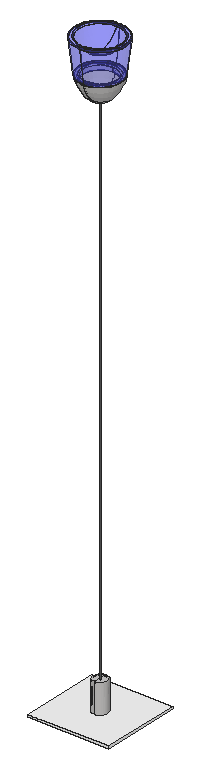
Revit family "BE_56568.2_de_DE", category Leuchten, Revit 2020
Family settings
  Basisbauteil = Fläche
  Bemaßung runder Anschluss = Durchmesser verwenden
  Teiletyp = Normal
  Beim Laden mit Abzugskörper schneiden = Ja
  Lichtquelle = Ja
  Gemeinsam genutzt = Nein
  Raumberechnungspunkt = Ja
Parameters (values of type "BEGA_56568.2_K3")
  built-in parameter 1150104 = 11.622 (stored number, unit not read)
  Wattage = 25.3 W
  Default Elevation = 0 mm
  built-in parameter 1150113 = 1 (stored number, unit not read)
  built-in parameter 1114218 = 1 (stored number, unit not read)
  Umgebungstemperatur = "25 °C"
  URL = "http://www.bega.de/de/produkt/56568.2"
  Typenkommentare = "© 2022 BEGA. Wir behalten uns das Recht vor, technische Änderungen ohne vorherige Ankündigung vorzunehmen."  # constant formula
  built-in parameter 1150134 = 12
  built-in parameter 1150109 = 1 (stored number, unit not read)
  Strom = ""
  built-in parameter 1150110 = 1 (stored number, unit not read)
  Spannung = 239.996 V
  Sonderanfertigung = no
  Seriennummer [instance] = "Hier können Sie die eindeutige Seriennummer für das Facility Management eintragen."
  Schutzklasse = "I"
  Schutzart = "IP 20"
  Scheinlast = 0 VA
  Produktdatenblatt = "http://www.bega.de/download/Xrfa/db/56568.2.db.de.pdf"
  Oberflächentemperatur = ""
  Neigungswinkel = 0.00°
  Model = "56568.2K4"
  Material_18 = BEGA_Gummi_schwarz
  Material_17 = BEGA_Reflektor
  Material_15 = BEGA_Leuchtmedium_matt
  Material_11 = BEGA_Glas_opal
  Material_10 = BEGA_Glas_matt
  Material_09 = BEGA_Glas_klar
  Material_06 = BEGA_Oberfläche_Edelstahl_gebürstet
  Material_05 = BEGA_Oberfläche_Aluminium Guss
  Material_03 = BEGA_Oberfläche_Weiss_matt
  Material_02 = BEGA_Oberfläche_Silber_matt
  Material_01 [instance] = BEGA_Oberfläche_Grafit_matt
  M_W = no
  M_G = no
  M_A = no
  Logo = 0
  built-in parameter 1114217 = 1 (stored number, unit not read)
  built-in parameter 1150139 = (empty or 0)
  built-in parameter 1150105 = 251.87 (stored number, unit not read)
  built-in parameter 1150114 = 1 (stored number, unit not read)
  Lumens = 3165.03 lm
  built-in parameter 1150115 = 1 (stored number, unit not read)
  Leuchtenlichtstrom = "2207 lm"
  Leuchtenanzahl = ""
  Lebensdauerkriterien = "L70B50 @ 25 °C = 500000 h"
  Lastklassifizierung = Beleuchtung
  built-in parameter 1150112 = 1 (stored number, unit not read)
  Lampenlichtstrom = "2830 lm"
  Lampe = "LED 17.7 W"
  LED_Modulbezeichnung = "LED-0327/940"
  Hersteller = "BEGA"  # constant formula
  Halbstreuwinkel = ""
  Gewicht = "3.6 kg"
  Gebrauchslageneinschränkung [instance] = ""
  Frequenz = "0/50-60 Hz"
  Farbwiedergabeindex = "CRI > 90"
  Farbtemperaturverschiebung bei Dämpfen der Lampe = <Keine Auswahl>
  Farbtemperatur = "4000 K"
  Color Filter = 16777215
  built-in parameter 1150133 = 10 (stored number, unit not read)
  Energieeffizienzklasse = "LED A++ - A"
  built-in parameter 1150137 = (empty or 0)
  built-in parameter 1150132 = (empty or 0)
  ENEC = "ja"
  Dimmbar [instance] = "DALI"
  Photometric Web File = "BE_56568.2K4.IES"
  CE_Konformität = "ja"
  Bestellnummer = "56568.2K4"
  Beschreibung_Sonderanfertigung = "Hier können Sie Informationen zur Sonderanfertigung eintragen."
  Beschreibung = "Pendelleuchte"
  built-in parameter 1150106 = 2.5187 (stored number, unit not read)
  Befestigungsbohrung = ""
  Befestigungsabstand = ""
  Ballwurfsicher = ""
  BEGA_Intern_aus = yes
  BEGA_Intern_an = yes
  BEGA_Intern_Konstruktion = yes
  BEGA_Intern = yes
  BEGA_IES = yes
  BEGA_Dummy = no
  Anschlussleitung = ""
  Anschlussleistung [instance] = "20 W"
  Anschlusskasten = ""
  built-in parameter 1150107 = 4000 (stored number, unit not read)
  built-in parameter 1150102 = (empty or 0)
  built-in parameter 1150138 = (empty or 0)
  Aktualisierung = "2019-07-09T04:00:12"
  Abstand_zur_angestrahlten_Fläche [instance] = ""
  AC/DC = "AC/DC"
Reference planes
  plane 1 "Mitte (Vorne/Hinten)": y = 0
  plane 2: z = 0
  plane 3 "Mitte (Links/Rechts)": x = 0
  plane 4 "Links": x = -126.649
  plane 5 "Rechts": x = 126.649
  plane 6 "Unten": y = -126.649
  plane 7 "Oben": y = 126.649
  plane 8 "Vorne": z = 3000
  plane 9 "Hinten": z = 0
Forms (mm)
  Extrusion 1, solid, material "BEGA_Platte_Weiss"
    sketch origin (0, -1119.2, 0) x (1, 0, 0) y (0, 1, 0)
      loop
        line (-200, 1319.2) -> (-200, 919.2) -> (200, 919.2) -> (200, 1319.2) -> (-200, 1319.2)
    from 0 to -10
  Extrusion 2, solid, material "BEGA_Dummy_matt", visible <- "BEGA_Dummy"
    sketch origin (77.149, -76.023, 0) x (1, 0, 0) y (0, 1, 0)
      loop
        circle (-77.149, 76.023) r 126.649
    from 0 to 3000
Dimensions and locks
  plane 1 "Mitte (Vorne/Hinten)" to Extrusion 1 = 200 mm
  connector elem to plane 5 "Rechts" = 126.649 mm
  aligned and locked: plane 2 to Extrusion 1
  aligned and locked: level to Extrusion 1
Nested families
  nested 1: "BE_56568.2" at (0, 0, 0), type "BE_56568.2"
Connectors
  electrical at (0, 0, 0), driven by "Lastklassifizierung", driven by "Spannung", driven by "Scheinlast"
    settings: index 1, voltage 239.996 V, apparent load 0 VA, apparent load phase1 0 VA, apparent load phase2 0 VA, apparent load phase3 0 VA, power factor 1, load classification "Beleuchtung", number of poles 1, system type 31, power factor state 1, is connector primary yes, connector utility no, sub classification motor no, connector description ""
Definition of nested family "BE_56568.2"
  Parameters (values of type "BE_56568.2")
    Default Elevation = 1 mm
    URL = "http://www.bega.de/de/produkt"
    Type Comments = "© 2015 BEGA. Wir behalten uns das Recht vor, technische Änderungen ohne vorherige Ankündigung vorzunehmen. "  # constant formula
    Type Image = (empty or 0)
    Neigungswinkel_um_Z2 = 0.00°
    Neigungswinkel_um_Z1 = 0.00°
    Neigungswinkel_um_Y2 = 0.00°
    Neigungswinkel_um_Y1 = 0.00°
    Neigungswinkel_um_X2 = 0.00°
    Neigungswinkel_um_X1 = 0.00°
    Material_18 = none
    Material_17 = none
    Material_15 = none
    Material_11 = none
    Material_10 = none
    Material_09 = none
    Material_06 = none
    Material_05 = none
    Material_03 = none
    Material_02 = none
    Material_01 = none
    M_W = yes
    M_G = yes
    M_A = yes
    Länge_Platte = 300 mm  # constant formula
    Höhe_Platte = -10 mm  # constant formula
    Manufacturer = "BEGA"  # constant formula
    Drehwinkel_um_Z2 = 0.00°
    Drehwinkel_um_Z1 = 0.00°
    Breite_Platte = 300 mm  # constant formula
  Reference planes
    plane 1 "Mitte (Oben/Unten)": y = 0
    plane 2: z = 0
    plane 3 "Mitte (Links/Rechts)": x = 0
    plane 4: z = 3000
    plane 5: y = 126.649
    plane 6: y = -126.649
    plane 7: x = -126.649
    plane 8: x = 126.649
  Forms (mm)
    Extrusion 1, solid, detail levels medium
      sketch origin (0, 0, 0) x (1, 0, 0) y (0, 1, 0)
        loop
          line (-150, 150) -> (-150, -150) -> (150, -150) -> (150, 150) -> (-150, 150)
      from 0 to -10 <- "Höhe_Platte"
    Revolve 2, solid, material <- "Material_06", detail levels medium+fine
      sketch origin (0, 0, 0) x (0, 1, 0) y (0, 0, 1)
        loop
          line (-36.248, 0.5) -> (-34, 0.5) -> (-34, 2.676) -> (-32.481, 2.729) -> (-31.3, 138.025)
          arc (-31.3, 138.025) -> (-30.705, 139.423) -> (-29.3, 140) r 2
          line (-29.3, 140) -> (0, 140) -> (0, 143.501)
          arc (0, 143.501) -> (-17.512, 143.245) -> (-35.009, 142.479) r 600
          line (-35.009, 142.479) -> (-36.248, 0.5)
        axis (0, 0.5) -> (0, 143.501)
      angle from 0 to 360
    Revolve 3, solid, material <- "Material_05", detail levels medium+fine
      sketch origin (0, 0, 0) x (0, 1, 0) y (0, 0, 1)
        loop
          line (-32.14, 2) -> (-32.175, 1) -> (-33.765, 1) -> (-33.8, 0) -> (0, 0) -> (0, 2) -> (-32.14, 2)
        axis (0, 0) -> (0, 2)
      angle from 0 to 360
    Extrusion 4, void
      sketch origin (0, 0, 0) x (1, 0, 0) y (0, 1, 0)
        loop
          arc (-9.887, 12.652) -> (-16.053, -0.003) -> (-9.876, -12.652) r 16.053
          line (-9.876, -12.652) -> (9.484, -12.652)
          arc (9.484, -12.652) -> (15.815, -0.003) -> (9.495, 12.652) r 15.815
          line (9.495, 12.652) -> (-9.887, 12.652)
        loop
          circle (-0.016, 25) r 2.25
        loop
          circle (-0.016, -25) r 2.25
      from 0 to 3.541
    Revolve 5, solid, material <- "Material_11", detail levels medium+fine
      sketch origin (0, 0, 0) x (0, 1, 0) y (0, 0, 1)
        loop
          arc (-126.649, 2993.73) -> (-120.126, 2910.345) -> (-105.38, 2828.015) r 843.787
          arc (-105.38, 2828.015) -> (-105.045, 2827.51) -> (-104.48, 2827.291) r 1
          line (-104.48, 2827.291) -> (-89.395, 2826.5) -> (-84, 2799.5) -> (-79, 2799.5) -> (-79, 2824.325)
          arc (-79, 2824.325) -> (-80.934, 2829.15) -> (-85.661, 2831.311) r 7
          line (-85.661, 2831.311) -> (-102.23, 2832.18)
          arc (-102.23, 2832.18) -> (-116.42, 2912.904) -> (-122.674, 2994.627) r 839.787
          arc (-122.674, 2994.627) -> (-122.194, 2995.605) -> (-121.179, 2996) r 1.5
          line (-121.179, 2996) -> (-108.528, 2996)
          arc (-108.528, 2996) -> (-106.905, 2995.52) -> (-105.799, 2994.237) r 3
          arc (-105.799, 2994.237) -> (-62.948, 2944.539) -> (0, 2926) r 116.138
          line (0, 2926) -> (0, 2930)
          arc (0, 2930) -> (-60.527, 2947.738) -> (-101.905, 2995.339) r 112.138
          arc (-101.905, 2995.339) -> (-104.863, 2998.735) -> (-109.181, 3000) r 8
          line (-109.181, 3000) -> (-120.655, 3000)
          arc (-120.655, 3000) -> (-124.992, 2998.147) -> (-126.649, 2993.73) r 6.001
        axis (0, 2799.5) -> (0, 3000)
      angle from 0 to 360
    Revolve 6, solid, material <- "Material_06", detail levels medium+fine
      sketch origin (0, 0, 0) x (0, 1, 0) y (0, 0, 1)
        loop
          line (-3.7, 2712.069) -> (0, 2712.069) -> (0, 2715.881)
          arc (0, 2715.881) -> (-32.242, 2723.778) -> (-58.476, 2744.117) r 79.749
          arc (-58.476, 2744.117) -> (-84.146, 2782.487) -> (-100.65, 2825.6) r 206.504
          line (-100.65, 2825.6) -> (-104.78, 2825.6)
          arc (-104.78, 2825.6) -> (-87.936, 2781.108) -> (-61.532, 2741.535) r 210.504
          arc (-61.532, 2741.535) -> (-35.586, 2720.972) -> (-3.7, 2712.069) r 83.749
        axis (0, 2712.069) -> (0, 2825.6)
      angle from 0 to 360
    Revolve 7, solid, material <- "Material_18", detail levels medium+fine
      sketch origin (0, 0, 0) x (0, 1, 0) y (0, 0, 1)
        loop
          line (-2.51, 118.995) -> (0, 118.995) -> (0, 2746.921) -> (-2.51, 2746.921) -> (-2.51, 118.995)
        axis (0, 2746.921) -> (0, 118.995)
      angle from 0 to 360
  Cuts and joins
    Extrusion 4 cuts Revolve 3
  Dimensions and locks
    equal spacing: Extrusion 1 sketch curve, plane 3 "Mitte (Links/Rechts)", Extrusion 1 sketch curve
    equal spacing: Extrusion 1 sketch curve, plane 1 "Mitte (Oben/Unten)", Extrusion 1 sketch curve
    "Länge_Platte": Extrusion 1 sketch curve to Extrusion 1 sketch curve
    "Breite_Platte": Extrusion 1 sketch curve to Extrusion 1 sketch curve
    aligned and locked: Extrusion 1 to plane 2
    aligned and locked: level to Extrusion 1
  Automatic sketch dimensions
    Revolve 3 sketch curve to plane 1 "Mitte (Oben/Unten)" = 0 mm  (x2)
    Revolve 3 sketch curve to level = 0 mm  (x2)
    plane 1 "Mitte (Oben/Unten)" to Revolve 3 sketch curve = 32.14 mm
    Revolve 3 sketch curve to Revolve 3 sketch curve = 2.125 mm
    Revolve 3 sketch curve to Revolve 3 sketch curve = 0.035 mm  (x2)
    Revolve 3 sketch curve to Revolve 3 sketch curve = 1.59 mm
    level to Revolve 3 sketch curve = 1 mm
    Revolve 3 sketch curve to Revolve 3 sketch curve = 2 mm
    Extrusion 4 sketch curve to Extrusion 4 sketch curve = 0 mm  (x2)
    Extrusion 4 sketch curve to plane 3 "Mitte (Links/Rechts)" = 0 mm
    Extrusion 4 sketch curve to plane 3 "Mitte (Links/Rechts)" = 0.016 mm  (x2)
    Extrusion 4 sketch curve to plane 3 "Mitte (Links/Rechts)" = 9.876 mm
    Extrusion 4 sketch curve to plane 3 "Mitte (Links/Rechts)" = 9.887 mm
    plane 3 "Mitte (Links/Rechts)" to Extrusion 4 sketch curve = 9.484 mm
    plane 1 "Mitte (Oben/Unten)" to Extrusion 4 sketch curve = 25 mm
    Extrusion 4 sketch curve to plane 1 "Mitte (Oben/Unten)" = 0.004 mm
    Extrusion 4 sketch curve to Extrusion 4 sketch curve = 12.348 mm
    plane 1 "Mitte (Oben/Unten)" to Extrusion 4 sketch curve = 12.652 mm
    Revolve 2 sketch curve to plane 1 "Mitte (Oben/Unten)" = 0 mm  (x2)
    plane 1 "Mitte (Oben/Unten)" to Revolve 2 sketch curve = 29.3 mm
    Revolve 2 sketch curve to Revolve 2 sketch curve = 2 mm
    level to Revolve 2 sketch curve = 2.729 mm
    plane 1 "Mitte (Oben/Unten)" to Revolve 2 sketch curve = 32.481 mm
    Revolve 2 sketch curve to Revolve 2 sketch curve = 1.52 mm
    Revolve 2 sketch curve to Revolve 2 sketch curve = 3.709 mm
    level to Revolve 2 sketch curve = 0.5 mm
    Revolve 2 sketch curve to Revolve 2 sketch curve = 2.248 mm
    Revolve 2 sketch curve to level = 456.499 mm
    Revolve 2 sketch curve to Revolve 2 sketch curve = 0.053 mm
    Revolve 2 sketch curve to Revolve 2 sketch curve = 135.271 mm
    Revolve 2 sketch curve to Revolve 2 sketch curve = 0.025 mm
    Revolve 2 sketch curve to Revolve 2 sketch curve = 0 mm  (x4)
    Revolve 2 sketch curve to Revolve 2 sketch curve = 4.454 mm
    Revolve 2 sketch curve to Revolve 2 sketch curve = 46.562 mm
    Revolve 7 sketch curve to plane 1 "Mitte (Oben/Unten)" = 0 mm  (x2)
    Revolve 7 sketch curve to Revolve 7 sketch curve = 2.51 mm
    level to Revolve 7 sketch curve = 118.995 mm
    Revolve 7 sketch curve to Revolve 7 sketch curve = 50 mm
    Revolve 7 sketch curve to Revolve 7 sketch curve = 1452.926 mm
    Revolve 6 sketch curve to Revolve 6 sketch curve = 0 mm  (x5)
    Revolve 6 sketch curve to plane 1 "Mitte (Oben/Unten)" = 0 mm  (x2)
    plane 1 "Mitte (Oben/Unten)" to Revolve 6 sketch curve = 3.7 mm
    Revolve 6 sketch curve to Revolve 6 sketch curve = 4.13 mm
    Revolve 6 sketch curve to plane 1 "Mitte (Oben/Unten)" = 2.435 mm
    Revolve 6 sketch curve to Revolve 6 sketch curve = 3.812 mm
    Revolve 6 sketch curve to Revolve 6 sketch curve = 79.711 mm
    Revolve 6 sketch curve to Revolve 6 sketch curve = 30.008 mm
    Revolve 6 sketch curve to Revolve 6 sketch curve = 81.816 mm
    Revolve 6 sketch curve to Revolve 6 sketch curve = 26.188 mm
    level to Revolve 6 sketch curve = 2712.069 mm
    Revolve 7 sketch curve to Revolve 7 sketch curve = 2627.926 mm
    Revolve 5 sketch curve to Revolve 5 sketch curve = 0 mm  (x6)
    Revolve 5 sketch curve to plane 1 "Mitte (Oben/Unten)" = 0 mm  (x2)
    Revolve 5 sketch curve to Revolve 5 sketch curve = 5 mm
    Revolve 5 sketch curve to Revolve 5 sketch curve = 6.661 mm
    Revolve 5 sketch curve to Revolve 5 sketch curve = 0.339 mm
    Revolve 5 sketch curve to Revolve 5 sketch curve = 3.395 mm
    Revolve 5 sketch curve to Revolve 5 sketch curve = 12.835 mm
    Revolve 5 sketch curve to Revolve 5 sketch curve = 2.189 mm
    Revolve 5 sketch curve to Revolve 5 sketch curve = 0.061 mm
    Revolve 5 sketch curve to plane 4 = 4 mm
    Revolve 5 sketch curve to Revolve 5 sketch curve = 0.004 mm
    Revolve 5 sketch curve to Revolve 5 sketch curve = 0.648 mm
    Revolve 5 sketch curve to Revolve 5 sketch curve = 0.525 mm
    plane 4 to Revolve 5 sketch curve = 17.762 mm
    Revolve 5 sketch curve to Revolve 5 sketch curve = 0.001 mm
    Revolve 5 sketch curve to Revolve 5 sketch curve = 1.5 mm
    Revolve 5 sketch curve to Revolve 5 sketch curve = 0.5 mm
    Revolve 5 sketch curve to Revolve 5 sketch curve = 3 mm
    Revolve 5 sketch curve to Revolve 5 sketch curve = 1 mm
    Revolve 5 sketch curve to plane 4 = 70 mm
    Revolve 5 sketch curve to Revolve 5 sketch curve = 4 mm
    Revolve 5 sketch curve to Revolve 5 sketch curve = 93.821 mm
    Revolve 5 sketch curve to Revolve 5 sketch curve = 0.868 mm
    Revolve 5 sketch curve to Revolve 5 sketch curve = 3.891 mm
    Revolve 5 sketch curve to Revolve 5 sketch curve = 0.998 mm
    Revolve 5 sketch curve to Revolve 5 sketch curve = 4.811 mm
    Revolve 5 sketch curve to Revolve 5 sketch curve = 6.986 mm
    Revolve 5 sketch curve to Revolve 5 sketch curve = 24.819 mm
    plane 4 to Revolve 5 sketch curve = 0 mm
    plane 4 to Revolve 5 sketch curve = 42.138 mm
    Revolve 5 sketch curve to plane 4 = 4.661 mm
    Revolve 5 sketch curve to Revolve 5 sketch curve = 0.005 mm
    Revolve 5 sketch curve to Revolve 5 sketch curve = 0.961 mm
    Revolve 5 sketch curve to Revolve 5 sketch curve = 2.733 mm
    Revolve 5 sketch curve to Revolve 5 sketch curve = 1.495 mm
    Revolve 5 sketch curve to Revolve 5 sketch curve = 36 mm
    Revolve 5 sketch curve to plane 1 "Mitte (Oben/Unten)" = 716.794 mm
    Revolve 6 sketch curve to plane 1 "Mitte (Oben/Unten)" = 99.249 mm
    plane 1 "Mitte (Oben/Unten)" to Revolve 5 sketch curve = 102.23 mm
    Revolve 5 sketch curve to Revolve 5 sketch curve = 6.618 mm
    Revolve 5 sketch curve to Revolve 5 sketch curve = 11.474 mm
    Revolve 6 sketch curve to Revolve 6 sketch curve = 42.174 mm
    radius of Extrusion 4 sketch curve = 2.25 mm  (x2)
